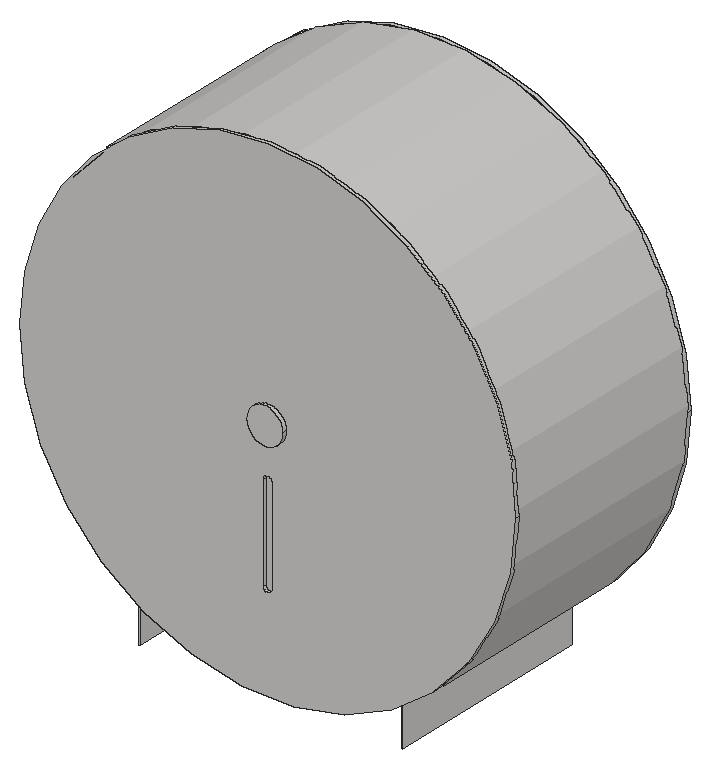
Revit family "Toilet Roll Dispenser_Metlam_Single_Cabinet_Rounded", category Specialty Equipment, Revit 2016
Family settings
  Part Type = Normal
  Round Connector Dimension = Use Diameter
  OmniClass Number = 23.40.20.21.21
  OmniClass Title = Toilet Paper Dispensers
  Work Plane-Based = No
  Always vertical = Yes
  Cut with Voids When Loaded = No
  Shared = No
  Room Calculation Point = Yes
Parameters (values of type "273w x 120d x 273h (ML841)")
  URL = "http://www.metlam.com.au/"
  Type Comments = "Toilet Roll Dispensers"  # constant formula
  Model = "ML841"
  Material_ANZRS = z_Metlam_Metal_Stainless Steel_Satin
  Manufacturer_URL__Product Specific = "http://www.metlam.com.au/product/content/toilet-roll-dispensers/ML841"
  Manufacturer_Spec Code = Model  # "ML841"
  Manufacturer_Overall Width = 273 mm  # constant formula
  Manufacturer_Overall Height = 273 mm  # constant formula
  Manufacturer_Overall Depth = 120 mm  # constant formula
  Manufacturer_Height From FFL [instance] = 585 mm
  Manufacturer = "Metlam"  # constant formula
  Description = "Jumbo Toilet Roll Dispenser"
  CreatedBy_ANZRS = "IGS BIM Solutions"  # constant formula
  CreatedByURL_ANZRS = "http://www.igsgroup.com.au/"
  Assembly Code = ""
Reference planes
  plane 1 "Back": y = 0
  plane 2 "Ref. Level": z = 0
  plane 3 "Center (Left/Right)": x = 0
  plane 4 "Bottom": z = 585
  plane 5 "Right": x = 136.5
  plane 6 "Left": x = -136.5
  plane 7 "Front": y = -120
  plane 8 "Top": z = 858
Forms (mm)
  Extrusion 1, solid, material "z_Metlam_Metal_Stainless Steel_Satin" <- "Material_ANZRS"
    sketch origin (0, 0, 0) x (1, 0, 0) y (0, 0, 1)
      loop
        circle (0, 721.665) r 136.5
    from 0 to 2
  Extrusion 2, solid, material "z_Metlam_Metal_Stainless Steel_Satin" <- "Material_ANZRS"
    sketch origin (0, 0, 0) x (1, 0, 0) y (0, 0, 1)
      loop
        circle (0, 721.665) r 136.5
    from 118 to 120
  Extrusion 3, solid, material "z_Metlam_Metal_Stainless Steel_Satin" <- "Material_ANZRS"
    sketch origin (0, 0, 0) x (1, 0, 0) y (0, 0, 1)
      loop
        arc (72.746, 606.165) -> (0, 858.165) -> (-72.746, 606.165) r 136.5
        line (-72.746, 606.165) -> (-72.746, 585) -> (-71.746, 585) -> (-71.746, 606.718)
        arc (-71.746, 606.718) -> (0, 857.165) -> (71.746, 606.718) r 135.5
        line (71.746, 606.718) -> (71.746, 585) -> (72.746, 585) -> (72.746, 606.165)
    from 2 to 118
  Extrusion 4, solid, material "z_Metlam_Metal_Stainless Steel_Satin" <- "Material_ANZRS", detail levels medium+fine
    sketch origin (0, 0, 0) x (1, 0, 0) y (0, 0, 1)
      loop
        circle (0, 720.165) r 10
    from 120 to 122
  Extrusion 5, void
    sketch origin (30, 0, 0) x (1, 0, 0) y (0, 0, 1)
      loop
        arc (-32.5, 639.341) -> (-30, 636.841) -> (-27.5, 639.341) r 2.5
        line (-27.5, 639.341) -> (-27.5, 692.084)
        arc (-27.5, 692.084) -> (-30, 694.584) -> (-32.5, 692.084) r 2.5
        line (-32.5, 692.084) -> (-32.5, 639.341)
    from 118.302 to 120
Cuts and joins
  Extrusion 5 cuts Extrusion 2
  joined: Extrusion 1, Extrusion 2, Extrusion 3
Lines and regions (mm)
  Masking region 1
    outline origin (0, 0, 0) x (1, 0, 0) y (0, 1, 0)
      loop
        line (-136.5, 0) -> (-136.5, -120) -> (136.5, -120) -> (136.5, 0) -> (-136.5, 0)
Text (mm)
  text "> Contact Manufacturer to confirm feasibility of design variations outside the scope of this Revit Family\n\n\n\nDisclaimer:\n\nDue to ongoing product development and manufacturing evolution, product details are subject to change without notice. Please refer to product technical data sheets on the manufacturer’s website for the most current product information. Please allow a +/- 5mm manufacturing tolerance for dimensions and set-outs shown in product literature." at (247.465, 48.83, 0), in view "Ref. Level_Instruction"
Dimensions and locks
  "Manufacturer_Height From FFL": plane 4 "Bottom" to plane 2 "Ref. Level"
  "Manufacturer_Overall Depth": plane 7 "Front" to plane 1 "Back"
  "Manufacturer_Overall Width": plane 6 "Left" to plane 5 "Right"
  "Manufacturer_Overall Height": plane 8 "Top" to plane 4 "Bottom"
  aligned and locked: level to plane 2 "Ref. Level"
Automatic sketch dimensions
  Extrusion 1 sketch curve to plane 3 "Center (Left/Right)" = 0 mm
  Extrusion 1 sketch curve to plane 8 "Top" = 136.335 mm
  Extrusion 2 sketch curve to plane 3 "Center (Left/Right)" = 0 mm
  Extrusion 2 sketch curve to plane 8 "Top" = 136.335 mm
  Extrusion 3 sketch curve to Extrusion 3 sketch curve = 0 mm  (x2)
  Extrusion 3 sketch curve to plane 4 "Bottom" = 0 mm  (x2)
  Extrusion 3 sketch curve to plane 3 "Center (Left/Right)" = 0 mm
  plane 4 "Bottom" to Extrusion 3 sketch curve = 21.718 mm
  Extrusion 3 sketch curve to plane 6 "Left" = 64.754 mm
  Extrusion 3 sketch curve to Extrusion 3 sketch curve = 1 mm  (x2)
  plane 5 "Right" to Extrusion 3 sketch curve = 64.754 mm
  Extrusion 3 sketch curve to Extrusion 3 sketch curve = 0.553 mm
  Extrusion 3 sketch curve to Extrusion 3 sketch curve = 114.947 mm
  Extrusion 4 sketch curve to plane 3 "Center (Left/Right)" = 0 mm
  plane 4 "Bottom" to Extrusion 4 sketch curve = 135.165 mm
  Extrusion 5 sketch curve to plane 3 "Center (Left/Right)" = 0 mm
  Extrusion 5 sketch curve to plane 3 "Center (Left/Right)" = 2.5 mm
  plane 4 "Bottom" to Extrusion 5 sketch curve = 54.341 mm
  Extrusion 5 sketch curve to Extrusion 5 sketch curve = 52.743 mm
  Masking region 1 sketch curve to plane 6 "Left" = 0 mm
  Masking region 1 sketch curve to plane 5 "Right" = 0 mm
  Masking region 1 sketch curve to plane 7 "Front" = 0 mm
  plane 1 "Back" to Masking region 1 sketch curve = 0 mm
  radius of Extrusion 1 sketch curve = 136.5 mm
  radius of Extrusion 2 sketch curve = 136.5 mm
  radius of Extrusion 4 sketch curve = 10 mm
